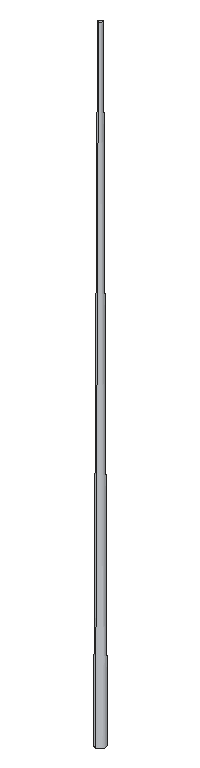
Revit family "Lighting-Stradale-GEWISS-STREET[O3]-PALI_CONICI", category Apparecchi per illuminazione, host Superficie, Revit 2019
Family settings
  Host = Superficie
  Quota connettore circolare = Usa diametro
  Tipo di parte = Normale
  Numero OmniClass = 23.80.00.00
  Titolo OmniClass = Electric Power and Lighting
  Taglio con vuoti quando caricato = No
  Sorgente d'illuminazione = No
  Condiviso = No
  Punto di calcolo locali = No
Parameters (values of type "GW87593 - Acciaio zincato - Grigio grafite - 9,8m")
  Versione file RFA = "20.11"
  URL = "https://www.gewiss.com/it/it"
  Tipo: = "Conico"
  Scheda Tecnica = "https://www.gewiss.com/it/it/search?q=GW87593"
  SIMBOLO [instance] = yes
  SEO = "Palo"
  Default Elevation = 1219.2 mm
  Produttore = "GEWISS S.p.A."
  Peso (kg): = "107"
  Peso (kg) = "107"
  Palo = none
  Modello = "GW87593"
  Materiale = "Acciaio zincato"
  Lunghezza totale (m) = "9,8"
  Interramento (m) = "0,8"
  Immagine tipo = GW84096.jpg
  IFC.TypeObject = ""
  IFC.ExportType = ""
  IFC.ExportAs = ""
  IDT = "d3b2aa7b-33ea-43be-8ddf-58a48c27c07e"
  IDF = "6a85b173-ae80-4b60-8f8b-d13c22feb59a"
  Finitura = "Verniciato"
  Diametro sommitÃ  (mm) = "60"
  Diametro inferiore = 158 mm
  Diametro base (mm) = "158"
  Diametro = 60 mm
  Descrizione = "STREET PALO CONICO 9,8m GRIGIO GRAFITE"
  Creato da GEWISS S.p.A. = ""
  Colore = "Grigio grafite"
  Codice Electrocod = "240"
  Codice EAN = "8011564782594"
  Catalogo Serie = "STREET [O3]"
  Catalogo = "LIGHTING"
  COBie.Tagnumber = ""
  COBie.CreatedOn = ""
  COBie.CreatebBy = ""
  COBie.ComponentRegisterItemID = ""
  COBie.Component.TagNumber = ""
  COBie.Component.Space = ""
  COBie.Component.SerialNumber = ""
  COBie.Component.InstallationDate = ""
  COBie.Component.Description = ""
  COBie.Component.BarCode = ""
  BIDIMENSIONALE [instance] = not(SIMBOLO)  # no
  Altezza palo = 9800 mm
Types (5, lengths in mm): name | Scheda Tecnica | Peso (kg): | Peso (kg) | Modello | Lunghezza totale (m) | Interramento (m) | IDT | Diametro inferiore | Diametro base (mm) | Descrizione | Codice EAN | Altezza palo
  GW84096 - Acciaio zincato - Grigio grafite - 5,5m | "https://www.gewiss.com/it/it/search?q=GW84096" | "45" | "45" | "GW84096" | "5,5" | "0,5" | "cab9dc3a-70cd-4fe3-be57-dd63a486f42e" | 115 | "115" | "STREET PALO CONICO 5,5m GRIGIO GRAFITE" | "8011564420205" | 5500
  GW87591 - Acciaio zincato - Grigio grafite - 6,8m | "https://www.gewiss.com/it/it/search?q=GW87591" | "48" | "48" | "GW87591" | "6,8" | "0,8" | "b1c709b1-2363-4663-a2bd-6850ecaed8ba" | 138 | "128" | "STREET PALO CONICO 6,8m GRIGIO GRAFITE" | "8011564782570" | 6800
  GW84097 - Acciaio zincato - Grigio grafite - 7,8m | "https://www.gewiss.com/it/it/search?q=GW84097" | "54" | "54" | "GW84097" | "7,8" | "0,8" | "8bb81f59-0f67-4d31-8b00-d30c28cf5b15" | 128 | "138" | "STREET PALO CONICO 7,8m GRIGIO GRAFITE" | "8011564420212" | 7800
  GW87592 - Acciaio zincato - Grigio grafite - 8,8m | "https://www.gewiss.com/it/it/search?q=GW87592" | "91" | "91" | "GW87592" | "8,8" | "0,8" | "fb51b8d7-080d-47f3-85ad-856ae9a19558" | 148 | "148" | "STREET PALO CONICO 8,8m GRIGIO GRAFITE" | "8011564782587" | 8800
  GW87593 - Acciaio zincato - Grigio grafite - 9,8m | "https://www.gewiss.com/it/it/search?q=GW87593" | "107" | "107" | "GW87593" | "9,8" | "0,8" | "d3b2aa7b-33ea-43be-8ddf-58a48c27c07e" | 158 | "158" | "STREET PALO CONICO 9,8m GRIGIO GRAFITE" | "8011564782594" | 9800
Reference planes
  plane 1 "Centro (Fronte/Retro)": y = 0
  plane 2: z = 0
  plane 3 "Centro (Sinistra/Destra)": x = 0
  plane 4: z = 9800
Forms (mm)
  Blend 1, solid, material <- "Palo"
    base sketch origin (0, 0, 138.951) x (0, -1, 0) y (1, 0, 0)
      loop
        circle (0, 0) r 30
    top sketch origin (0, 0, 138.951) x (0, -1, 0) y (1, 0, 0)
      loop
        circle (0, 0) r 79
    from 9661.049 to -138.951
Lines and regions (mm)
  Masking region 1, visible <- "BIDIMENSIONALE"
    outline origin (0, 0, 138.951) x (0, -1, 0) y (1, 0, 0)
      loop
        circle (0, 0) r 79
  Masking region 2, visible <- "BIDIMENSIONALE"
    outline origin (0, 0, 138.951) x (0, -1, 0) y (1, 0, 0)
      loop
        circle (0, 0) r 30
Dimensions and locks
  "Altezza palo": plane 4 to level
  "Diametro": diameter of Blend 1 sketch curve
  "Diametro inferiore": diameter of Blend 1 sketch curve
  "Diametro inferiore": diameter of Masking region 1 sketch curve
  aligned and locked: plane 2 to host face
  aligned and locked: level to host face
  aligned and locked: plane 4 to Blend 1
  aligned and locked: Blend 1 to level
  aligned and locked: nested 1 to host face
  aligned and locked: nested 2 to level
  aligned and locked: plane 3 "Centro (Sinistra/Destra)" to nested 3
  aligned and locked: nested 3 to plane 1 "Centro (Fronte/Retro)"
Automatic sketch dimensions
  host sketch curve to host sketch curve = 2438.4 mm  (x2)
  plane 1 "Centro (Fronte/Retro)" to Masking region 2 sketch curve = 0 mm
  Masking region 2 sketch curve to plane 3 "Centro (Sinistra/Destra)" = 0 mm
  plane 1 "Centro (Fronte/Retro)" to Blend 1 sketch curve = 0 mm  (x2)
  Blend 1 sketch curve to plane 3 "Centro (Sinistra/Destra)" = 0 mm  (x2)
  plane 1 "Centro (Fronte/Retro)" to Masking region 1 sketch curve = 0 mm
  Masking region 1 sketch curve to plane 3 "Centro (Sinistra/Destra)" = 0 mm
  radius of Masking region 2 sketch curve = 30 mm
Nested families
  nested 1: "2D - PALI CONICI" at (0, 0, 0) x (1, 0, 0) z (0, -1, 0), B <- "Diametro inferiore", H <- "Altezza palo", type "BIDIMENSIONALE"
    with H 9800 mm, B 158 mm
  nested 2: "2D - PALI CONICI" at (0, 0, 0) x (0, 1, 0) z (1, 0, 0), B <- "Diametro inferiore", H <- "Altezza palo", type "BIDIMENSIONALE"
    with H 9800 mm, B 158 mm
  nested 3: "ACCPALO" at (0, 0, 138.951) x (1, 0, 0) z (0, 0, -1), visible <- "SIMBOLO", type "ACCPALO"
Definition of nested family "2D - PALI CONICI"
  Parameters (values of type "BIDIMENSIONALE")
    H [instance] = 860 mm
    B [instance] = 240 mm
  Reference planes
    plane 1 "Centro (Fronte/Retro)": y = 0
    plane 2: z = 0
    plane 3 "Centro (Sinistra/Destra)": x = 0
    plane 4: y = 860
    plane 5: x = -120
    plane 6: x = 120
  Lines and regions (mm)
    Masking region 1, in view "Livello rif."
      outline origin (0, 0, 0) x (1, 0, 0) y (0, 1, 0)
        loop
          line (-120, 0) -> (120, 0) -> (30, 860) -> (-30, 860) -> (-120, 0)
  Dimensions and locks
    "H": plane 4 to plane 1 "Centro (Fronte/Retro)"
    "B": plane 5 to plane 6
    equal spacing: plane 5, plane 3 "Centro (Sinistra/Destra)", plane 6
    Masking region 1 to plane 3 "Centro (Sinistra/Destra)" to Masking region 1 = 30 mm, 30 mm
    locked: Masking region 1 sketch curve to Masking region 1 sketch curve at 60
    equal spacing: Masking region 1 sketch curve, plane 3 "Centro (Sinistra/Destra)", Masking region 1 sketch curve
    aligned and locked: plane 4 to Masking region 1
    aligned and locked: plane 1 "Centro (Fronte/Retro)" to Masking region 1
    aligned and locked: plane 5 to Masking region 1
    aligned and locked: plane 6 to Masking region 1
    aligned and locked: plane 5 to Masking region 1 sketch curve
    aligned and locked: plane 6 to Masking region 1 sketch curve
  Automatic sketch dimensions
    Masking region 1 sketch curve to plane 4 = 0 mm
    plane 1 "Centro (Fronte/Retro)" to Masking region 1 sketch curve = 0 mm
Definition of nested family "ACCPALO"
  Reference planes
    plane 1 "Centro (Fronte/Retro)": y = 0
    plane 2: z = 0
    plane 3 "Centro (Sinistra/Destra)": x = 0
  Lines and regions (mm)
    detail lines, in view "Livello rif."
      curve 1: spline (-17.247, 26.335, 0) -> (-16.659, 25.345, 0) -> (-14.936, 24.424, 0) -> (-12.195, 23.632, 0) -> (-8.623, 23.025, 0) -> (-4.464, 22.643, 0) -> (0, 22.513, 0) -> (4.464, 22.643, 0) -> (8.623, 23.025, 0) -> (12.195, 23.632, 0) -> (14.936, 24.424, 0) -> (16.659, 25.345, 0) -> (17.247, 26.335, 0) -> (16.659, 27.324, 0) -> (14.936, 28.245, 0) -> (12.195, 29.037, 0) -> (8.623, 29.644, 0) -> (4.464, 30.026, 0) -> (0, 30.156, 0) -> (-4.464, 30.026, 0) -> (-8.623, 29.644, 0) -> (-12.195, 29.037, 0) -> (-14.936, 28.245, 0) -> (-16.659, 27.324, 0) -> (-17.247, 26.335, 0)
      curve 2: spline (-17.266, -26.469, 0) -> (-14.61, -27.838, 0) -> (-11.877, -28.965, 0) -> (-9.078, -29.846, 0) -> (-6.224, -30.478, 0) -> (-3.325, -30.859, 0) -> (-0.393, -30.986, 0) -> (2.562, -30.86, 0) -> (5.527, -30.481, 0) -> (8.491, -29.85, 0) -> (11.443, -28.969, 0) -> (14.372, -27.843, 0) -> (17.266, -26.475, 0)
      curve 3: line (-85.401, -52.093, 0) -> (85.401, -52.093, 0)
      curve 4: line (85.401, -52.093, 0) -> (85.401, 52.093, 0)
      curve 5: line (85.401, 52.093, 0) -> (-85.401, 52.093, 0)
      curve 6: line (-85.401, 52.093, 0) -> (-85.401, -52.093, 0)
      curve 7: line (-17.266, -26.469, 0) -> (-17.266, 26.335, 0)
      curve 8: line (17.266, -26.475, 0) -> (17.266, 26.335, 0)
